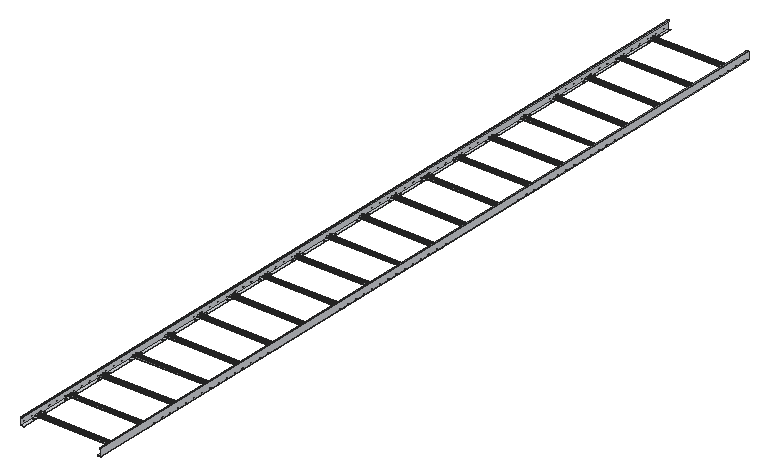
Revit family "Kabelleiter,Sprosse gelocht, geschweißt-LCIS 660 6 FS,FT,A2,A4", category Generic Models, Revit 2017 (continued)
Forms (mm)
  Extrusion 206, void
    sketch origin (0, 5700, 0) x (1, 0, 0) y (0, 1, 0)
      loop
        arc (-222.967, 157.975) -> (-223.321, 157.828) -> (-223.467, 157.475) r 0.5
        line (-223.467, 157.475) -> (-223.467, 142.515)
        arc (-223.467, 142.515) -> (-223.321, 142.162) -> (-222.967, 142.015) r 0.5
        line (-222.967, 142.015) -> (-216.967, 142.015)
        arc (-216.967, 142.015) -> (-216.614, 142.162) -> (-216.467, 142.515) r 0.5
        line (-216.467, 142.515) -> (-216.467, 157.475)
        arc (-216.467, 157.475) -> (-216.614, 157.828) -> (-216.967, 157.975) r 0.5
        line (-216.967, 157.975) -> (-222.967, 157.975)
      loop
        arc (-205, 157.975) -> (-205.354, 157.828) -> (-205.5, 157.475) r 0.5
        line (-205.5, 157.475) -> (-205.5, 142.515)
        arc (-205.5, 142.515) -> (-205.354, 142.162) -> (-205, 142.015) r 0.5
        line (-205, 142.015) -> (-195, 142.015)
        arc (-195, 142.015) -> (-194.646, 142.162) -> (-194.5, 142.515) r 0.5
        line (-194.5, 142.515) -> (-194.5, 157.475)
        arc (-194.5, 157.475) -> (-194.646, 157.828) -> (-195, 157.975) r 0.5
        line (-195, 157.975) -> (-205, 157.975)
      loop
        arc (-183, 157.975) -> (-183.354, 157.828) -> (-183.5, 157.475) r 0.5
        line (-183.5, 157.475) -> (-183.5, 142.515)
        arc (-183.5, 142.515) -> (-183.354, 142.162) -> (-183, 142.015) r 0.5
        line (-183, 142.015) -> (-177, 142.015)
        arc (-177, 142.015) -> (-176.646, 142.162) -> (-176.5, 142.515) r 0.5
        line (-176.5, 142.515) -> (-176.5, 157.475)
        arc (-176.5, 157.475) -> (-176.646, 157.828) -> (-177, 157.975) r 0.5
        line (-177, 157.975) -> (-183, 157.975)
      loop
        arc (-165, 157.975) -> (-165.354, 157.828) -> (-165.5, 157.475) r 0.5
        line (-165.5, 157.475) -> (-165.5, 142.515)
        arc (-165.5, 142.515) -> (-165.354, 142.162) -> (-165, 142.015) r 0.5
        line (-165, 142.015) -> (-155, 142.015)
        arc (-155, 142.015) -> (-154.646, 142.162) -> (-154.5, 142.515) r 0.5
        line (-154.5, 142.515) -> (-154.5, 157.475)
        arc (-154.5, 157.475) -> (-154.646, 157.828) -> (-155, 157.975) r 0.5
        line (-155, 157.975) -> (-165, 157.975)
      loop
        arc (-145, 157.975) -> (-145.354, 157.828) -> (-145.5, 157.475) r 0.5
        line (-145.5, 157.475) -> (-145.5, 142.515)
        arc (-145.5, 142.515) -> (-145.354, 142.162) -> (-145, 142.015) r 0.5
        line (-145, 142.015) -> (-135, 142.015)
        arc (-135, 142.015) -> (-134.646, 142.162) -> (-134.5, 142.515) r 0.5
        line (-134.5, 142.515) -> (-134.5, 157.475)
        arc (-134.5, 157.475) -> (-134.646, 157.828) -> (-135, 157.975) r 0.5
        line (-135, 157.975) -> (-145, 157.975)
      loop
        arc (-122.979, 157.975) -> (-123.333, 157.828) -> (-123.479, 157.475) r 0.5
        line (-123.479, 157.475) -> (-123.479, 142.515)
        arc (-123.479, 142.515) -> (-123.333, 142.162) -> (-122.979, 142.015) r 0.5
        line (-122.979, 142.015) -> (-116.979, 142.015)
        arc (-116.979, 142.015) -> (-116.626, 142.162) -> (-116.479, 142.515) r 0.5
        line (-116.479, 142.515) -> (-116.479, 157.475)
        arc (-116.479, 157.475) -> (-116.626, 157.828) -> (-116.979, 157.975) r 0.5
        line (-116.979, 157.975) -> (-122.979, 157.975)
      loop
        arc (-105, 157.975) -> (-105.354, 157.828) -> (-105.5, 157.475) r 0.5
        line (-105.5, 157.475) -> (-105.5, 142.515)
        arc (-105.5, 142.515) -> (-105.354, 142.162) -> (-105, 142.015) r 0.5
        line (-105, 142.015) -> (-95, 142.015)
        arc (-95, 142.015) -> (-94.646, 142.162) -> (-94.5, 142.515) r 0.5
        line (-94.5, 142.515) -> (-94.5, 157.475)
        arc (-94.5, 157.475) -> (-94.646, 157.828) -> (-95, 157.975) r 0.5
        line (-95, 157.975) -> (-105, 157.975)
      loop
        arc (-83, 157.975) -> (-83.354, 157.828) -> (-83.5, 157.475) r 0.5
        line (-83.5, 157.475) -> (-83.5, 142.515)
        arc (-83.5, 142.515) -> (-83.354, 142.162) -> (-83, 142.015) r 0.5
        line (-83, 142.015) -> (-77, 142.015)
        arc (-77, 142.015) -> (-76.646, 142.162) -> (-76.5, 142.515) r 0.5
        line (-76.5, 142.515) -> (-76.5, 157.475)
        arc (-76.5, 157.475) -> (-76.646, 157.828) -> (-77, 157.975) r 0.5
        line (-77, 157.975) -> (-83, 157.975)
      loop
        arc (-65, 157.975) -> (-65.354, 157.828) -> (-65.5, 157.475) r 0.5
        line (-65.5, 157.475) -> (-65.5, 142.515)
        arc (-65.5, 142.515) -> (-65.354, 142.162) -> (-65, 142.015) r 0.5
        line (-65, 142.015) -> (-55, 142.015)
        arc (-55, 142.015) -> (-54.646, 142.162) -> (-54.5, 142.515) r 0.5
        line (-54.5, 142.515) -> (-54.5, 157.475)
        arc (-54.5, 157.475) -> (-54.646, 157.828) -> (-55, 157.975) r 0.5
        line (-55, 157.975) -> (-65, 157.975)
      loop
        arc (-45, 157.975) -> (-45.354, 157.828) -> (-45.5, 157.475) r 0.5
        line (-45.5, 157.475) -> (-45.5, 142.515)
        arc (-45.5, 142.515) -> (-45.354, 142.162) -> (-45, 142.015) r 0.5
        line (-45, 142.015) -> (-35, 142.015)
        arc (-35, 142.015) -> (-34.646, 142.162) -> (-34.5, 142.515) r 0.5
        line (-34.5, 142.515) -> (-34.5, 157.475)
        arc (-34.5, 157.475) -> (-34.646, 157.828) -> (-35, 157.975) r 0.5
        line (-35, 157.975) -> (-45, 157.975)
      loop
        arc (-23, 157.975) -> (-23.354, 157.828) -> (-23.5, 157.475) r 0.5
        line (-23.5, 157.475) -> (-23.5, 142.515)
        arc (-23.5, 142.515) -> (-23.354, 142.162) -> (-23, 142.015) r 0.5
        line (-23, 142.015) -> (-17, 142.015)
        arc (-17, 142.015) -> (-16.646, 142.162) -> (-16.5, 142.515) r 0.5
        line (-16.5, 142.515) -> (-16.5, 157.475)
        arc (-16.5, 157.475) -> (-16.646, 157.828) -> (-17, 157.975) r 0.5
        line (-17, 157.975) -> (-23, 157.975)
      loop
        arc (-5, 157.975) -> (-5.354, 157.828) -> (-5.5, 157.475) r 0.5
        line (-5.5, 157.475) -> (-5.5, 142.515)
        arc (-5.5, 142.515) -> (-5.354, 142.162) -> (-5, 142.015) r 0.5
        line (-5, 142.015) -> (5, 142.015)
        arc (5, 142.015) -> (5.354, 142.162) -> (5.5, 142.515) r 0.5
        line (5.5, 142.515) -> (5.5, 157.475)
        arc (5.5, 157.475) -> (5.354, 157.828) -> (5, 157.975) r 0.5
        line (5, 157.975) -> (-5, 157.975)
      loop
        arc (17.02, 157.975) -> (16.666, 157.828) -> (16.52, 157.475) r 0.5
        line (16.52, 157.475) -> (16.52, 142.515)
        arc (16.52, 142.515) -> (16.666, 142.162) -> (17.02, 142.015) r 0.5
        line (17.02, 142.015) -> (23.02, 142.015)
        arc (23.02, 142.015) -> (23.373, 142.162) -> (23.52, 142.515) r 0.5
        line (23.52, 142.515) -> (23.52, 157.475)
        arc (23.52, 157.475) -> (23.373, 157.828) -> (23.02, 157.975) r 0.5
        line (23.02, 157.975) -> (17.02, 157.975)
      loop
        arc (35, 157.975) -> (34.646, 157.828) -> (34.5, 157.475) r 0.5
        line (34.5, 157.475) -> (34.5, 142.515)
        arc (34.5, 142.515) -> (34.646, 142.162) -> (35, 142.015) r 0.5
        line (35, 142.015) -> (45, 142.015)
        arc (45, 142.015) -> (45.354, 142.162) -> (45.5, 142.515) r 0.5
        line (45.5, 142.515) -> (45.5, 157.475)
        arc (45.5, 157.475) -> (45.354, 157.828) -> (45, 157.975) r 0.5
        line (45, 157.975) -> (35, 157.975)
      loop
        arc (55, 157.975) -> (54.646, 157.828) -> (54.5, 157.475) r 0.5
        line (54.5, 157.475) -> (54.5, 142.515)
        arc (54.5, 142.515) -> (54.646, 142.162) -> (55, 142.015) r 0.5
        line (55, 142.015) -> (65, 142.015)
        arc (65, 142.015) -> (65.354, 142.162) -> (65.5, 142.515) r 0.5
        line (65.5, 142.515) -> (65.5, 157.475)
        arc (65.5, 157.475) -> (65.354, 157.828) -> (65, 157.975) r 0.5
        line (65, 157.975) -> (55, 157.975)
      loop
        arc (77, 157.975) -> (76.646, 157.828) -> (76.5, 157.475) r 0.5
        line (76.5, 157.475) -> (76.5, 142.515)
        arc (76.5, 142.515) -> (76.646, 142.162) -> (77, 142.015) r 0.5
        line (77, 142.015) -> (83, 142.015)
        arc (83, 142.015) -> (83.354, 142.162) -> (83.5, 142.515) r 0.5
        line (83.5, 142.515) -> (83.5, 157.475)
        arc (83.5, 157.475) -> (83.354, 157.828) -> (83, 157.975) r 0.5
        line (83, 157.975) -> (77, 157.975)
      loop
        arc (95, 157.975) -> (94.646, 157.828) -> (94.5, 157.475) r 0.5
        line (94.5, 157.475) -> (94.5, 142.515)
        arc (94.5, 142.515) -> (94.646, 142.162) -> (95, 142.015) r 0.5
        line (95, 142.015) -> (105, 142.015)
        arc (105, 142.015) -> (105.354, 142.162) -> (105.5, 142.515) r 0.5
        line (105.5, 142.515) -> (105.5, 157.475)
        arc (105.5, 157.475) -> (105.354, 157.828) -> (105, 157.975) r 0.5
        line (105, 157.975) -> (95, 157.975)
      loop
        arc (117, 157.975) -> (116.646, 157.828) -> (116.5, 157.475) r 0.5
        line (116.5, 157.475) -> (116.5, 142.515)
        arc (116.5, 142.515) -> (116.646, 142.162) -> (117, 142.015) r 0.5
        line (117, 142.015) -> (123, 142.015)
        arc (123, 142.015) -> (123.354, 142.162) -> (123.5, 142.515) r 0.5
        line (123.5, 142.515) -> (123.5, 157.475)
        arc (123.5, 157.475) -> (123.354, 157.828) -> (123, 157.975) r 0.5
        line (123, 157.975) -> (117, 157.975)
      loop
        arc (135, 157.975) -> (134.646, 157.828) -> (134.5, 157.475) r 0.5
        line (134.5, 157.475) -> (134.5, 142.545)
        arc (134.5, 142.545) -> (134.655, 142.17) -> (135.03, 142.015) r 0.53
        line (135.03, 142.015) -> (145, 142.015)
        arc (145, 142.015) -> (145.354, 142.162) -> (145.5, 142.515) r 0.5
        line (145.5, 142.515) -> (145.5, 157.475)
        arc (145.5, 157.475) -> (145.354, 157.828) -> (145, 157.975) r 0.5
        line (145, 157.975) -> (135, 157.975)
      loop
        arc (255.5, 148.475) -> (260, 143.975) -> (264.5, 148.475) r 4.5
        line (264.5, 148.475) -> (264.5, 151.475)
        arc (264.5, 151.475) -> (260, 155.975) -> (255.5, 151.475) r 4.5
        line (255.5, 151.475) -> (255.5, 148.475)
      loop
        arc (234.5, 142.515) -> (234.646, 142.162) -> (235, 142.015) r 0.5
        line (235, 142.015) -> (245, 142.015)
        arc (245, 142.015) -> (245.354, 142.162) -> (245.5, 142.515) r 0.5
        line (245.5, 142.515) -> (245.5, 157.475)
        arc (245.5, 157.475) -> (245.354, 157.828) -> (245, 157.975) r 0.5
        line (245, 157.975) -> (235, 157.975)
        arc (235, 157.975) -> (234.646, 157.828) -> (234.5, 157.475) r 0.5
        line (234.5, 157.475) -> (234.5, 142.515)
      loop
        arc (217, 157.975) -> (216.646, 157.828) -> (216.5, 157.475) r 0.5
        line (216.5, 157.475) -> (216.5, 142.529)
        arc (216.5, 142.529) -> (216.65, 142.166) -> (217.013, 142.015) r 0.513
        line (217.013, 142.015) -> (223, 142.015)
        arc (223, 142.015) -> (223.354, 142.162) -> (223.5, 142.515) r 0.5
        line (223.5, 142.515) -> (223.5, 157.475)
        arc (223.5, 157.475) -> (223.354, 157.828) -> (223, 157.975) r 0.5
        line (223, 157.975) -> (217, 157.975)
      loop
        arc (195, 157.975) -> (194.646, 157.828) -> (194.5, 157.475) r 0.5
        line (194.5, 157.475) -> (194.5, 142.515)
        arc (194.5, 142.515) -> (194.646, 142.162) -> (195, 142.015) r 0.5
        line (195, 142.015) -> (205, 142.015)
        arc (205, 142.015) -> (205.354, 142.162) -> (205.5, 142.515) r 0.5
        line (205.5, 142.515) -> (205.5, 157.475)
        arc (205.5, 157.475) -> (205.354, 157.828) -> (205, 157.975) r 0.5
        line (205, 157.975) -> (195, 157.975)
      loop
        arc (177, 157.975) -> (176.646, 157.828) -> (176.5, 157.475) r 0.5
        line (176.5, 157.475) -> (176.5, 142.515)
        arc (176.5, 142.515) -> (176.646, 142.162) -> (177, 142.015) r 0.5
        line (177, 142.015) -> (183, 142.015)
        arc (183, 142.015) -> (183.354, 142.162) -> (183.5, 142.515) r 0.5
        line (183.5, 142.515) -> (183.5, 157.475)
        arc (183.5, 157.475) -> (183.354, 157.828) -> (183, 157.975) r 0.5
        line (183, 157.975) -> (177, 157.975)
      loop
        arc (155, 157.975) -> (154.646, 157.828) -> (154.5, 157.475) r 0.5
        line (154.5, 157.475) -> (154.5, 142.015)
        arc (154.5, 142.015) -> (154.646, 141.662) -> (155, 141.515) r 0.5
        line (155, 141.515) -> (165, 141.515)
        arc (165, 141.515) -> (165.354, 141.662) -> (165.5, 142.015) r 0.5
        line (165.5, 142.015) -> (165.5, 157.475)
        arc (165.5, 157.475) -> (165.354, 157.828) -> (165, 157.975) r 0.5
        line (165, 157.975) -> (155, 157.975)
    from 1.441 to 2.93
  Extrusion 207, void
    sketch origin (0, 0, 0) x (1, 0, 0) y (0, 1, 0)
      loop
        circle (-281.852, 99.988) r 4.5
    from 0 to 1.384
  Extrusion 208, void
    sketch origin (0, 300, 0) x (1, 0, 0) y (0, 1, 0)
      loop
        circle (-281.852, 99.988) r 4.5
    from 0 to 1.384
  Extrusion 209, void
    sketch origin (0, 600, 0) x (1, 0, 0) y (0, 1, 0)
      loop
        circle (-281.852, 99.988) r 4.5
    from 0 to 1.384
  Extrusion 210, void
    sketch origin (0, 900, 0) x (1, 0, 0) y (0, 1, 0)
      loop
        circle (-281.852, 99.988) r 4.5
    from 0 to 1.384
  Extrusion 211, void
    sketch origin (0, 1200, 0) x (1, 0, 0) y (0, 1, 0)
      loop
        circle (-281.852, 99.988) r 4.5
    from 0 to 1.384
  Extrusion 212, void
    sketch origin (0, 1500, 0) x (1, 0, 0) y (0, 1, 0)
      loop
        circle (-281.852, 99.988) r 4.5
    from 0 to 1.384
  Extrusion 213, void
    sketch origin (0, 1800, 0) x (1, 0, 0) y (0, 1, 0)
      loop
        circle (-281.852, 99.988) r 4.5
    from 0 to 1.384
  Extrusion 214, void
    sketch origin (0, 2100, 0) x (1, 0, 0) y (0, 1, 0)
      loop
        circle (-281.852, 99.988) r 4.5
    from 0 to 1.384
  Extrusion 215, void
    sketch origin (0, 2400, 0) x (1, 0, 0) y (0, 1, 0)
      loop
        circle (-281.852, 99.988) r 4.5
    from 0 to 1.384
  Extrusion 216, void
    sketch origin (0, 2700, 0) x (1, 0, 0) y (0, 1, 0)
      loop
        circle (-281.852, 99.988) r 4.5
    from 0 to 1.384
  Extrusion 217, void
    sketch origin (0, 3000, 0) x (1, 0, 0) y (0, 1, 0)
      loop
        circle (-281.852, 99.988) r 4.5
    from 0 to 1.384
  Extrusion 218, void
    sketch origin (0, 3300, 0) x (1, 0, 0) y (0, 1, 0)
      loop
        circle (-281.852, 99.988) r 4.5
    from 0 to 1.384
  Extrusion 219, void
    sketch origin (0, 3600, 0) x (1, 0, 0) y (0, 1, 0)
      loop
        circle (-281.852, 99.988) r 4.5
    from 0 to 1.384
  Extrusion 220, void
    sketch origin (0, 3900, 0) x (1, 0, 0) y (0, 1, 0)
      loop
        circle (-281.852, 99.988) r 4.5
    from 0 to 1.384
  Extrusion 221, void
    sketch origin (0, 4200, 0) x (1, 0, 0) y (0, 1, 0)
      loop
        circle (-281.852, 99.988) r 4.5
    from 0 to 1.384
  Extrusion 222, void
    sketch origin (0, 4500, 0) x (1, 0, 0) y (0, 1, 0)
      loop
        circle (-281.852, 99.988) r 4.5
    from 0 to 1.384
  Extrusion 223, void
    sketch origin (0, 4800, 0) x (1, 0, 0) y (0, 1, 0)
      loop
        circle (-281.852, 99.988) r 4.5
    from 0 to 1.384
  Extrusion 224, void
    sketch origin (0, 5100, 0) x (1, 0, 0) y (0, 1, 0)
      loop
        circle (-281.852, 99.988) r 4.5
    from 0 to 1.384
  Extrusion 225, void
    sketch origin (0, 5400, 0) x (1, 0, 0) y (0, 1, 0)
      loop
        circle (-281.852, 99.988) r 4.5
    from 0 to 1.384
  Extrusion 226, void
    sketch origin (0, 5700, 0) x (1, 0, 0) y (0, 1, 0)
      loop
        circle (-281.852, 99.988) r 4.5
    from 0 to 1.384
  Extrusion 227, void
    sketch origin (0, 0, 0) x (1, 0, 0) y (0, 1, 0)
      loop
        circle (-282, 199.975) r 4.5
    from 0 to 1.384
  Extrusion 228, void
    sketch origin (0, 300, 0) x (1, 0, 0) y (0, 1, 0)
      loop
        circle (-282, 199.975) r 4.5
    from 0 to 1.384
  Extrusion 229, void
    sketch origin (0, 600, 0) x (1, 0, 0) y (0, 1, 0)
      loop
        circle (-282, 199.975) r 4.5
    from 0 to 1.384
  Extrusion 230, void
    sketch origin (0, 900, 0) x (1, 0, 0) y (0, 1, 0)
      loop
        circle (-282, 199.975) r 4.5
    from 0 to 1.384
  Extrusion 231, void
    sketch origin (0, 1200, 0) x (1, 0, 0) y (0, 1, 0)
      loop
        circle (-282, 199.975) r 4.5
    from 0 to 1.384
  Extrusion 232, void
    sketch origin (0, 1500, 0) x (1, 0, 0) y (0, 1, 0)
      loop
        circle (-282, 199.975) r 4.5
    from 0 to 1.384
  Extrusion 233, void
    sketch origin (0, 1800, 0) x (1, 0, 0) y (0, 1, 0)
      loop
        circle (-282, 199.975) r 4.5
    from 0 to 1.384
  Extrusion 234, void
    sketch origin (0, 2100, 0) x (1, 0, 0) y (0, 1, 0)
      loop
        circle (-282, 199.975) r 4.5
    from 0 to 1.384
  Extrusion 235, void
    sketch origin (0, 2400, 0) x (1, 0, 0) y (0, 1, 0)
      loop
        circle (-282, 199.975) r 4.5
    from 0 to 1.384
  Extrusion 236, void
    sketch origin (0, 2700, 0) x (1, 0, 0) y (0, 1, 0)
      loop
        circle (-282, 199.975) r 4.5
    from 0 to 1.384
  Extrusion 237, void
    sketch origin (0, 3000, 0) x (1, 0, 0) y (0, 1, 0)
      loop
        circle (-282, 199.975) r 4.5
    from 0 to 1.384
  Extrusion 238, void
    sketch origin (0, 3300, 0) x (1, 0, 0) y (0, 1, 0)
      loop
        circle (-282, 199.975) r 4.5
    from 0 to 1.384
  Extrusion 239, void
    sketch origin (0, 3600, 0) x (1, 0, 0) y (0, 1, 0)
      loop
        circle (-282, 199.975) r 4.5
    from 0 to 1.384
  Extrusion 240, void
    sketch origin (0, 3900, 0) x (1, 0, 0) y (0, 1, 0)
      loop
        circle (-282, 199.975) r 4.5
    from 0 to 1.384
  Extrusion 241, void
    sketch origin (0, 4200, 0) x (1, 0, 0) y (0, 1, 0)
      loop
        circle (-282, 199.975) r 4.5
    from 0 to 1.384
  Extrusion 242, void
    sketch origin (0, 4500, 0) x (1, 0, 0) y (0, 1, 0)
      loop
        circle (-282, 199.975) r 4.5
    from 0 to 1.384
  Extrusion 243, void
    sketch origin (0, 4800, 0) x (1, 0, 0) y (0, 1, 0)
      loop
        circle (-282, 199.975) r 4.5
    from 0 to 1.384
  Extrusion 244, void
    sketch origin (0, 5100, 0) x (1, 0, 0) y (0, 1, 0)
      loop
        circle (-282, 199.975) r 4.5
    from 0 to 1.384
  Extrusion 245, void
    sketch origin (0, 5400, 0) x (1, 0, 0) y (0, 1, 0)
      loop
        circle (-282, 199.975) r 4.5
    from 0 to 1.384
  Extrusion 246, void
    sketch origin (0, 5700, 0) x (1, 0, 0) y (0, 1, 0)
      loop
        circle (-282, 199.975) r 4.5
    from 0 to 1.384
  Extrusion 247, void
    sketch origin (0, 0, 0) x (1, 0, 0) y (0, 1, 0)
      loop
        circle (282, 100) r 4.5
    from 0 to 250
  Extrusion 248, void
    sketch origin (0, 300, 0) x (1, 0, 0) y (0, 1, 0)
      loop
        circle (282, 100) r 4.5
    from 0 to 250
  Extrusion 249, void
    sketch origin (0, 600, 0) x (1, 0, 0) y (0, 1, 0)
      loop
        circle (282, 100) r 4.5
    from 0 to 250
  Extrusion 250, void
    sketch origin (0, 900, 0) x (1, 0, 0) y (0, 1, 0)
      loop
        circle (282, 100) r 4.5
    from 0 to 250
  Extrusion 251, void
    sketch origin (0, 1200, 0) x (1, 0, 0) y (0, 1, 0)
      loop
        circle (282, 100) r 4.5
    from 0 to 250
  Extrusion 252, void
    sketch origin (0, 1500, 0) x (1, 0, 0) y (0, 1, 0)
      loop
        circle (282, 100) r 4.5
    from 0 to 250
  Extrusion 253, void
    sketch origin (0, 1800, 0) x (1, 0, 0) y (0, 1, 0)
      loop
        circle (282, 100) r 4.5
    from 0 to 250
  Extrusion 254, void
    sketch origin (0, 2100, 0) x (1, 0, 0) y (0, 1, 0)
      loop
        circle (282, 100) r 4.5
    from 0 to 250
  Extrusion 255, void
    sketch origin (0, 2400, 0) x (1, 0, 0) y (0, 1, 0)
      loop
        circle (282, 100) r 4.5
    from 0 to 250
  Extrusion 256, void
    sketch origin (0, 2700, 0) x (1, 0, 0) y (0, 1, 0)
      loop
        circle (282, 100) r 4.5
    from 0 to 250
  Extrusion 257, void
    sketch origin (0, 3000, 0) x (1, 0, 0) y (0, 1, 0)
      loop
        circle (282, 100) r 4.5
    from 0 to 250
  Extrusion 258, void
    sketch origin (0, 3300, 0) x (1, 0, 0) y (0, 1, 0)
      loop
        circle (282, 100) r 4.5
    from 0 to 250
  Extrusion 259, void
    sketch origin (0, 3600, 0) x (1, 0, 0) y (0, 1, 0)
      loop
        circle (282, 100) r 4.5
    from 0 to 250
  Extrusion 260, void
    sketch origin (0, 3900, 0) x (1, 0, 0) y (0, 1, 0)
      loop
        circle (282, 100) r 4.5
    from 0 to 250
  Extrusion 261, void
    sketch origin (0, 4200, 0) x (1, 0, 0) y (0, 1, 0)
      loop
        circle (282, 100) r 4.5
    from 0 to 250
  Extrusion 262, void
    sketch origin (0, 4500, 0) x (1, 0, 0) y (0, 1, 0)
      loop
        circle (282, 100) r 4.5
    from 0 to 250
  Extrusion 263, void
    sketch origin (0, 4800, 0) x (1, 0, 0) y (0, 1, 0)
      loop
        circle (282, 100) r 4.5
    from 0 to 250
  Extrusion 264, void
    sketch origin (0, 5100, 0) x (1, 0, 0) y (0, 1, 0)
      loop
        circle (282, 100) r 4.5
    from 0 to 250
  Extrusion 265, void
    sketch origin (0, 5400, 0) x (1, 0, 0) y (0, 1, 0)
      loop
        circle (282, 100) r 4.5
    from 0 to 250
  Extrusion 266, void
    sketch origin (0, 5700, 0) x (1, 0, 0) y (0, 1, 0)
      loop
        circle (282, 100) r 4.5
    from 0 to 250
  Extrusion 267, void
    sketch origin (0, 0, 0) x (1, 0, 0) y (0, 1, 0)
      loop
        circle (282, 199.975) r 4.5
    from 0 to 250
  Extrusion 268, void
    sketch origin (0, 300, 0) x (1, 0, 0) y (0, 1, 0)
      loop
        circle (282, 199.975) r 4.5
    from 0 to 250
  Extrusion 269, void
    sketch origin (0, 600, 0) x (1, 0, 0) y (0, 1, 0)
      loop
        circle (282, 199.975) r 4.5
    from 0 to 250
  Extrusion 270, void
    sketch origin (0, 900, 0) x (1, 0, 0) y (0, 1, 0)
      loop
        circle (282, 199.975) r 4.5
    from 0 to 250
  Extrusion 271, void
    sketch origin (0, 1200, 0) x (1, 0, 0) y (0, 1, 0)
      loop
        circle (282, 199.975) r 4.5
    from 0 to 250
  Extrusion 272, void
    sketch origin (0, 1500, 0) x (1, 0, 0) y (0, 1, 0)
      loop
        circle (282, 199.975) r 4.5
    from 0 to 250
  Extrusion 273, void
    sketch origin (0, 1800, 0) x (1, 0, 0) y (0, 1, 0)
      loop
        circle (282, 199.975) r 4.5
    from 0 to 250
  Extrusion 274, void
    sketch origin (0, 2100, 0) x (1, 0, 0) y (0, 1, 0)
      loop
        circle (282, 199.975) r 4.5
    from 0 to 250
  Extrusion 275, void
    sketch origin (0, 2400, 0) x (1, 0, 0) y (0, 1, 0)
      loop
        circle (282, 199.975) r 4.5
    from 0 to 250
  Extrusion 276, void
    sketch origin (0, 2700, 0) x (1, 0, 0) y (0, 1, 0)
      loop
        circle (282, 199.975) r 4.5
    from 0 to 250
  Extrusion 277, void
    sketch origin (0, 3000, 0) x (1, 0, 0) y (0, 1, 0)
      loop
        circle (282, 199.975) r 4.5
    from 0 to 250
  Extrusion 278, void
    sketch origin (0, 3300, 0) x (1, 0, 0) y (0, 1, 0)
      loop
        circle (282, 199.975) r 4.5
    from 0 to 250
  Extrusion 279, void
    sketch origin (0, 3600, 0) x (1, 0, 0) y (0, 1, 0)
      loop
        circle (282, 199.975) r 4.5
    from 0 to 250
  Extrusion 280, void
    sketch origin (0, 3900, 0) x (1, 0, 0) y (0, 1, 0)
      loop
        circle (282, 199.975) r 4.5
    from 0 to 250
  Extrusion 281, void
    sketch origin (0, 4200, 0) x (1, 0, 0) y (0, 1, 0)
      loop
        circle (282, 199.975) r 4.5
    from 0 to 250
  Extrusion 282, void
    sketch origin (0, 4500, 0) x (1, 0, 0) y (0, 1, 0)
      loop
        circle (282, 199.975) r 4.5
    from 0 to 250
  Extrusion 283, void
    sketch origin (0, 4800, 0) x (1, 0, 0) y (0, 1, 0)
      loop
        circle (282, 199.975) r 4.5
    from 0 to 250
  Extrusion 284, void
    sketch origin (0, 5100, 0) x (1, 0, 0) y (0, 1, 0)
      loop
        circle (282, 199.975) r 4.5
    from 0 to 250
  Extrusion 285, void
    sketch origin (0, 5400, 0) x (1, 0, 0) y (0, 1, 0)
      loop
        circle (282, 199.975) r 4.5
    from 0 to 250
  Extrusion 286, void
    sketch origin (0, 5700, 0) x (1, 0, 0) y (0, 1, 0)
      loop
        circle (282, 199.975) r 4.5
    from 0 to 250
Cuts and joins
  Extrusion 2, Extrusion 3, Extrusion 4, Extrusion 5, Extrusion 6, Extrusion 7, Extrusion 8, Extrusion 9, Extrusion 10, Extrusion 11, Extrusion 12, Extrusion 13, Extrusion 14, Extrusion 15, Extrusion 16, Extrusion 17, Extrusion 18, Extrusion 19, Extrusion 20, Extrusion 21, Extrusion 22, Extrusion 23, Extrusion 24, Extrusion 25, Extrusion 26, Extrusion 27, Extrusion 28, Extrusion 29, Extrusion 30, Extrusion 31, Extrusion 32, Extrusion 33, Extrusion 34, Extrusion 35, Extrusion 36, Extrusion 37, Extrusion 38, Extrusion 39, Extrusion 40, Extrusion 41, Extrusion 42, Extrusion 43, Extrusion 44, Extrusion 45, Extrusion 46, Extrusion 47, Extrusion 48, Extrusion 49, Extrusion 50, Extrusion 51, Extrusion 52, Extrusion 53, Extrusion 54, Extrusion 55, Extrusion 56, Extrusion 57, Extrusion 58, Extrusion 59, Extrusion 60, Extrusion 61, Extrusion 62, Extrusion 63, Extrusion 64, Extrusion 65, Extrusion 66, Extrusion 67, Extrusion 68, Extrusion 69, Extrusion 70, Extrusion 71, Extrusion 72, Extrusion 73, Extrusion 74, Extrusion 75, Extrusion 76, Extrusion 77, Extrusion 78, Extrusion 79, Extrusion 80, Extrusion 81, Extrusion 82, Extrusion 83, Extrusion 84, Extrusion 85, Extrusion 86, Extrusion 87, Extrusion 88, Extrusion 89, Extrusion 90, Extrusion 91, Extrusion 92, Extrusion 93, Extrusion 94, Extrusion 95, Extrusion 96, Extrusion 97, Extrusion 98, Extrusion 99, Extrusion 100, Extrusion 101, Extrusion 102, Extrusion 103, Extrusion 104, Extrusion 105, Extrusion 106, Extrusion 107, Extrusion 108, Extrusion 109, Extrusion 110, Extrusion 111, Extrusion 112, Extrusion 113, Extrusion 114, Extrusion 115, Extrusion 116, Extrusion 117, Extrusion 118, Extrusion 119, Extrusion 120, Extrusion 121, Extrusion 122, Extrusion 123, Extrusion 124, Extrusion 125, Extrusion 126, Extrusion 127, Extrusion 128, Extrusion 129, Extrusion 130, Extrusion 131, Extrusion 132, Extrusion 133, Extrusion 134, Extrusion 135, Extrusion 136, Extrusion 137, Extrusion 138, Extrusion 139, Extrusion 140, Extrusion 141, Extrusion 142, Extrusion 143, Extrusion 144, Extrusion 145, Extrusion 146, Extrusion 147, Extrusion 148, Extrusion 149, Extrusion 150, Extrusion 151, Extrusion 152, Extrusion 153, Extrusion 154, Extrusion 155, Extrusion 156, Extrusion 157, Extrusion 158, Extrusion 159, Extrusion 160, Extrusion 161, Extrusion 207, Extrusion 208, Extrusion 209, Extrusion 210, Extrusion 211, Extrusion 212, Extrusion 213, Extrusion 214, Extrusion 215, Extrusion 216, Extrusion 217, Extrusion 218, Extrusion 219, Extrusion 220, Extrusion 221, Extrusion 222, Extrusion 223, Extrusion 224, Extrusion 225, Extrusion 226, Extrusion 227, Extrusion 228, Extrusion 229, Extrusion 230, Extrusion 231, Extrusion 232, Extrusion 233, Extrusion 234, Extrusion 235, Extrusion 236, Extrusion 237, Extrusion 238, Extrusion 239, Extrusion 240, Extrusion 241, Extrusion 242, Extrusion 243, Extrusion 244, Extrusion 245, Extrusion 246, Extrusion 247, Extrusion 248, Extrusion 249, Extrusion 250, Extrusion 251, Extrusion 252, Extrusion 253, Extrusion 254, Extrusion 255, Extrusion 256, Extrusion 257, Extrusion 258, Extrusion 259, Extrusion 260, Extrusion 261, Extrusion 262, Extrusion 263, Extrusion 264, Extrusion 265, Extrusion 266, Extrusion 267, Extrusion 268, Extrusion 269, Extrusion 270, Extrusion 271, Extrusion 272, Extrusion 273, Extrusion 274, Extrusion 275, Extrusion 276, Extrusion 277, Extrusion 278, Extrusion 279, Extrusion 280, Extrusion 281, Extrusion 282, Extrusion 283, Extrusion 284, Extrusion 285, Extrusion 286 cuts Extrusion 1
  Extrusion 168 cuts Extrusion 162
  Extrusion 170 cuts Extrusion 169
  Extrusion 172 cuts Extrusion 171
  Extrusion 174 cuts Extrusion 173
  Extrusion 176 cuts Extrusion 175
  Extrusion 178 cuts Extrusion 177
  Extrusion 180 cuts Extrusion 179
  Extrusion 182 cuts Extrusion 181
  Extrusion 184 cuts Extrusion 183
  Extrusion 186 cuts Extrusion 185
  Extrusion 188 cuts Extrusion 187
  Extrusion 190 cuts Extrusion 189
  Extrusion 192 cuts Extrusion 191
  Extrusion 194 cuts Extrusion 193
  Extrusion 196 cuts Extrusion 195
  Extrusion 198 cuts Extrusion 197
  Extrusion 200 cuts Extrusion 199
  Extrusion 202 cuts Extrusion 201
  Extrusion 204 cuts Extrusion 203
  Extrusion 206 cuts Extrusion 205
Dimensions and locks
  "Height": plane 4 to level
  locked: plane 4 to plane 5 at 9
  locked: plane 4 to plane 6 at 9
  locked: Extrusion 1 sketch curve to Extrusion 1 sketch curve at 12  (x2)
  "Width 1": Extrusion 1 sketch curve to plane 3 "Center (Left/Right)"
  locked: Extrusion 1 sketch curve to Extrusion 1 sketch curve at 27
  "Width": Extrusion 1 sketch curve to Extrusion 1 sketch curve
  "Length": Extrusion 1 to Extrusion 1
  locked: Extrusion 1 to plane 7 at 37.5
  locked: Extrusion 2 sketch curve to Extrusion 2 sketch curve at 9
  locked: Extrusion 2 sketch curve to Extrusion 2 sketch curve at 28
  locked: Extrusion 3 sketch curve to Extrusion 3 sketch curve at 9
  locked: Extrusion 3 sketch curve to Extrusion 3 sketch curve at 28
  locked: plane 7 to plane 8 at 75
  locked: Extrusion 4 sketch curve to Extrusion 4 sketch curve at 9
  locked: Extrusion 4 sketch curve to Extrusion 4 sketch curve at 28
  locked: Extrusion 5 sketch curve to Extrusion 5 sketch curve at 9
  locked: Extrusion 5 sketch curve to Extrusion 5 sketch curve at 28
  locked: Extrusion 6 sketch curve to Extrusion 6 sketch curve at 9
  locked: Extrusion 6 sketch curve to Extrusion 6 sketch curve at 28
  locked: Extrusion 7 sketch curve to Extrusion 7 sketch curve at 9
  locked: Extrusion 7 sketch curve to Extrusion 7 sketch curve at 28
  locked: Extrusion 8 sketch curve to Extrusion 8 sketch curve at 9
  locked: Extrusion 8 sketch curve to Extrusion 8 sketch curve at 28
  locked: Extrusion 9 sketch curve to Extrusion 9 sketch curve at 9
  locked: Extrusion 9 sketch curve to Extrusion 9 sketch curve at 28
  locked: Extrusion 10 sketch curve to Extrusion 10 sketch curve at 9
  locked: Extrusion 10 sketch curve to Extrusion 10 sketch curve at 28
  locked: Extrusion 11 sketch curve to Extrusion 11 sketch curve at 9
  locked: Extrusion 11 sketch curve to Extrusion 11 sketch curve at 28
  locked: Extrusion 12 sketch curve to Extrusion 12 sketch curve at 9
  locked: Extrusion 12 sketch curve to Extrusion 12 sketch curve at 28
  locked: Extrusion 13 sketch curve to Extrusion 13 sketch curve at 9
  locked: Extrusion 13 sketch curve to Extrusion 13 sketch curve at 28
  locked: Extrusion 14 sketch curve to Extrusion 14 sketch curve at 9
  locked: Extrusion 14 sketch curve to Extrusion 14 sketch curve at 28
  locked: Extrusion 15 sketch curve to Extrusion 15 sketch curve at 9
  locked: Extrusion 15 sketch curve to Extrusion 15 sketch curve at 28
  locked: Extrusion 16 sketch curve to Extrusion 16 sketch curve at 9
  locked: Extrusion 16 sketch curve to Extrusion 16 sketch curve at 28
  locked: Extrusion 17 sketch curve to Extrusion 17 sketch curve at 9
  locked: Extrusion 17 sketch curve to Extrusion 17 sketch curve at 28
  locked: Extrusion 18 sketch curve to Extrusion 18 sketch curve at 9
  locked: Extrusion 18 sketch curve to Extrusion 18 sketch curve at 28
  locked: Extrusion 19 sketch curve to Extrusion 19 sketch curve at 9
  locked: Extrusion 19 sketch curve to Extrusion 19 sketch curve at 28
  locked: Extrusion 20 sketch curve to Extrusion 20 sketch curve at 9
  locked: Extrusion 20 sketch curve to Extrusion 20 sketch curve at 28
  locked: Extrusion 21 sketch curve to Extrusion 21 sketch curve at 9
  locked: Extrusion 21 sketch curve to Extrusion 21 sketch curve at 28
  locked: Extrusion 22 sketch curve to Extrusion 22 sketch curve at 9
  locked: Extrusion 22 sketch curve to Extrusion 22 sketch curve at 28
  locked: Extrusion 23 sketch curve to Extrusion 23 sketch curve at 9
  locked: Extrusion 23 sketch curve to Extrusion 23 sketch curve at 28
  locked: Extrusion 24 sketch curve to Extrusion 24 sketch curve at 9
  locked: Extrusion 24 sketch curve to Extrusion 24 sketch curve at 28
  locked: Extrusion 25 sketch curve to Extrusion 25 sketch curve at 9
  locked: Extrusion 25 sketch curve to Extrusion 25 sketch curve at 28
  locked: Extrusion 26 sketch curve to Extrusion 26 sketch curve at 9
  locked: Extrusion 26 sketch curve to Extrusion 26 sketch curve at 28
  locked: Extrusion 27 sketch curve to Extrusion 27 sketch curve at 9
  locked: Extrusion 27 sketch curve to Extrusion 27 sketch curve at 28
  locked: Extrusion 28 sketch curve to Extrusion 28 sketch curve at 9
  locked: Extrusion 28 sketch curve to Extrusion 28 sketch curve at 28
  locked: Extrusion 29 sketch curve to Extrusion 29 sketch curve at 9
  locked: Extrusion 29 sketch curve to Extrusion 29 sketch curve at 28
  locked: Extrusion 30 sketch curve to Extrusion 30 sketch curve at 9
  locked: Extrusion 30 sketch curve to Extrusion 30 sketch curve at 28
  locked: Extrusion 31 sketch curve to Extrusion 31 sketch curve at 9
  locked: Extrusion 31 sketch curve to Extrusion 31 sketch curve at 28
  locked: Extrusion 32 sketch curve to Extrusion 32 sketch curve at 9
  locked: Extrusion 32 sketch curve to Extrusion 32 sketch curve at 28
  locked: Extrusion 33 sketch curve to Extrusion 33 sketch curve at 9
  locked: Extrusion 33 sketch curve to Extrusion 33 sketch curve at 28
  locked: Extrusion 34 sketch curve to Extrusion 34 sketch curve at 9
  locked: Extrusion 34 sketch curve to Extrusion 34 sketch curve at 28
  locked: Extrusion 35 sketch curve to Extrusion 35 sketch curve at 9
  locked: Extrusion 35 sketch curve to Extrusion 35 sketch curve at 28
  locked: Extrusion 36 sketch curve to Extrusion 36 sketch curve at 9
  locked: Extrusion 36 sketch curve to Extrusion 36 sketch curve at 28
  locked: Extrusion 37 sketch curve to Extrusion 37 sketch curve at 9
  locked: Extrusion 37 sketch curve to Extrusion 37 sketch curve at 28
  locked: Extrusion 38 sketch curve to Extrusion 38 sketch curve at 9
  locked: Extrusion 38 sketch curve to Extrusion 38 sketch curve at 28
  locked: Extrusion 39 sketch curve to Extrusion 39 sketch curve at 9
  locked: Extrusion 39 sketch curve to Extrusion 39 sketch curve at 28
  locked: Extrusion 40 sketch curve to Extrusion 40 sketch curve at 9
  locked: Extrusion 40 sketch curve to Extrusion 40 sketch curve at 28
  locked: Extrusion 41 sketch curve to Extrusion 41 sketch curve at 9
  locked: Extrusion 41 sketch curve to Extrusion 41 sketch curve at 28
  locked: Extrusion 42 sketch curve to Extrusion 42 sketch curve at 9
  locked: Extrusion 42 sketch curve to Extrusion 42 sketch curve at 28
  locked: Extrusion 43 sketch curve to Extrusion 43 sketch curve at 9
  locked: Extrusion 43 sketch curve to Extrusion 43 sketch curve at 28
  locked: Extrusion 44 sketch curve to Extrusion 44 sketch curve at 9
  locked: Extrusion 44 sketch curve to Extrusion 44 sketch curve at 28
  locked: Extrusion 45 sketch curve to Extrusion 45 sketch curve at 9
  locked: Extrusion 45 sketch curve to Extrusion 45 sketch curve at 28
  locked: Extrusion 46 sketch curve to Extrusion 46 sketch curve at 9
  locked: Extrusion 46 sketch curve to Extrusion 46 sketch curve at 28
  locked: Extrusion 47 sketch curve to Extrusion 47 sketch curve at 9
  locked: Extrusion 47 sketch curve to Extrusion 47 sketch curve at 28
  locked: Extrusion 48 sketch curve to Extrusion 48 sketch curve at 9
  locked: Extrusion 48 sketch curve to Extrusion 48 sketch curve at 28
  locked: Extrusion 49 sketch curve to Extrusion 49 sketch curve at 9
  locked: Extrusion 49 sketch curve to Extrusion 49 sketch curve at 28
  locked: Extrusion 50 sketch curve to Extrusion 50 sketch curve at 9
  locked: Extrusion 50 sketch curve to Extrusion 50 sketch curve at 28
  locked: Extrusion 51 sketch curve to Extrusion 51 sketch curve at 9
  locked: Extrusion 51 sketch curve to Extrusion 51 sketch curve at 28
  locked: Extrusion 52 sketch curve to Extrusion 52 sketch curve at 9
  locked: Extrusion 52 sketch curve to Extrusion 52 sketch curve at 28
  locked: Extrusion 53 sketch curve to Extrusion 53 sketch curve at 9
  locked: Extrusion 53 sketch curve to Extrusion 53 sketch curve at 28
  locked: Extrusion 54 sketch curve to Extrusion 54 sketch curve at 9
  locked: Extrusion 54 sketch curve to Extrusion 54 sketch curve at 28
  locked: Extrusion 55 sketch curve to Extrusion 55 sketch curve at 9
  locked: Extrusion 55 sketch curve to Extrusion 55 sketch curve at 28
  locked: Extrusion 56 sketch curve to Extrusion 56 sketch curve at 9
  locked: Extrusion 56 sketch curve to Extrusion 56 sketch curve at 28
  locked: Extrusion 57 sketch curve to Extrusion 57 sketch curve at 9
  locked: Extrusion 57 sketch curve to Extrusion 57 sketch curve at 28
  locked: Extrusion 58 sketch curve to Extrusion 58 sketch curve at 9
  locked: Extrusion 58 sketch curve to Extrusion 58 sketch curve at 28
  locked: Extrusion 59 sketch curve to Extrusion 59 sketch curve at 9
  locked: Extrusion 59 sketch curve to Extrusion 59 sketch curve at 28
  locked: Extrusion 60 sketch curve to Extrusion 60 sketch curve at 9
  locked: Extrusion 60 sketch curve to Extrusion 60 sketch curve at 28
  locked: Extrusion 61 sketch curve to Extrusion 61 sketch curve at 9
  locked: Extrusion 61 sketch curve to Extrusion 61 sketch curve at 28
  locked: Extrusion 62 sketch curve to Extrusion 62 sketch curve at 9
  locked: Extrusion 62 sketch curve to Extrusion 62 sketch curve at 28
  locked: Extrusion 63 sketch curve to Extrusion 63 sketch curve at 9
  locked: Extrusion 63 sketch curve to Extrusion 63 sketch curve at 28
  locked: Extrusion 64 sketch curve to Extrusion 64 sketch curve at 9
  locked: Extrusion 64 sketch curve to Extrusion 64 sketch curve at 28
  locked: Extrusion 65 sketch curve to Extrusion 65 sketch curve at 9
  locked: Extrusion 65 sketch curve to Extrusion 65 sketch curve at 28
  locked: Extrusion 66 sketch curve to Extrusion 66 sketch curve at 9
  locked: Extrusion 66 sketch curve to Extrusion 66 sketch curve at 28
  locked: Extrusion 67 sketch curve to Extrusion 67 sketch curve at 9
  locked: Extrusion 67 sketch curve to Extrusion 67 sketch curve at 28
  locked: Extrusion 68 sketch curve to Extrusion 68 sketch curve at 9
  locked: Extrusion 68 sketch curve to Extrusion 68 sketch curve at 28
  locked: Extrusion 69 sketch curve to Extrusion 69 sketch curve at 9
  locked: Extrusion 69 sketch curve to Extrusion 69 sketch curve at 28
  locked: Extrusion 70 sketch curve to Extrusion 70 sketch curve at 9
  locked: Extrusion 70 sketch curve to Extrusion 70 sketch curve at 28
  locked: Extrusion 71 sketch curve to Extrusion 71 sketch curve at 9
  locked: Extrusion 71 sketch curve to Extrusion 71 sketch curve at 28
  locked: Extrusion 72 sketch curve to Extrusion 72 sketch curve at 9
  locked: Extrusion 72 sketch curve to Extrusion 72 sketch curve at 28
  locked: Extrusion 73 sketch curve to Extrusion 73 sketch curve at 9
  locked: Extrusion 73 sketch curve to Extrusion 73 sketch curve at 28
  locked: Extrusion 74 sketch curve to Extrusion 74 sketch curve at 9
  locked: Extrusion 74 sketch curve to Extrusion 74 sketch curve at 28
  locked: Extrusion 75 sketch curve to Extrusion 75 sketch curve at 9
  locked: Extrusion 75 sketch curve to Extrusion 75 sketch curve at 28
  locked: Extrusion 76 sketch curve to Extrusion 76 sketch curve at 9
  locked: Extrusion 76 sketch curve to Extrusion 76 sketch curve at 28
  locked: Extrusion 77 sketch curve to Extrusion 77 sketch curve at 9
  locked: Extrusion 77 sketch curve to Extrusion 77 sketch curve at 28
  locked: Extrusion 78 sketch curve to Extrusion 78 sketch curve at 9
  locked: Extrusion 78 sketch curve to Extrusion 78 sketch curve at 28
  locked: Extrusion 79 sketch curve to Extrusion 79 sketch curve at 9
  locked: Extrusion 79 sketch curve to Extrusion 79 sketch curve at 28
  locked: Extrusion 80 sketch curve to Extrusion 80 sketch curve at 9
  locked: Extrusion 80 sketch curve to Extrusion 80 sketch curve at 28
  locked: Extrusion 81 sketch curve to Extrusion 81 sketch curve at 9
  locked: Extrusion 81 sketch curve to Extrusion 81 sketch curve at 28
  locked: Extrusion 82 sketch curve to Extrusion 82 sketch curve at 9
  locked: Extrusion 82 sketch curve to Extrusion 82 sketch curve at 28
  locked: Extrusion 83 sketch curve to Extrusion 83 sketch curve at 9
  locked: Extrusion 83 sketch curve to Extrusion 83 sketch curve at 28
  equal spacing: group 80, group 81, group 82, group 83, group 84, group 85, group 86, group 87, group 88, group 89, group 90, group 91, group 92, group 93, group 94, group 95, group 96, group 97, group 98, group 99, group 100, group 101, group 102, group 103, group 104, group 105, group 106, group 107, group 108, group 109, group 110, group 111, group 112, group 113, group 114, group 115, group 116, group 117, group 118, group 119, group 120, group 121, group 122, group 123, group 124, group 125, group 126, group 127, group 128, group 129, group 130, group 131, group 132, group 133, group 134, group 135, group 136, group 137, group 138, group 139, group 140, group 141, group 142, group 143, group 144, group 145, group 146, group 147, group 148, group 149, group 150, group 151, group 152, group 153, group 154, group 155, group 156, group 157, group 158, group 159  (x3)
  locked: Extrusion 84 sketch curve to Extrusion 84 sketch curve at 9
  locked: Extrusion 84 sketch curve to Extrusion 84 sketch curve at 28
  locked: Extrusion 85 sketch curve to Extrusion 85 sketch curve at 9
  locked: Extrusion 85 sketch curve to Extrusion 85 sketch curve at 28
  locked: Extrusion 86 sketch curve to Extrusion 86 sketch curve at 9
  locked: Extrusion 86 sketch curve to Extrusion 86 sketch curve at 28
  locked: Extrusion 87 sketch curve to Extrusion 87 sketch curve at 9
  locked: Extrusion 87 sketch curve to Extrusion 87 sketch curve at 28
  locked: Extrusion 88 sketch curve to Extrusion 88 sketch curve at 9
  locked: Extrusion 88 sketch curve to Extrusion 88 sketch curve at 28
  locked: Extrusion 89 sketch curve to Extrusion 89 sketch curve at 9
  locked: Extrusion 89 sketch curve to Extrusion 89 sketch curve at 28
  locked: Extrusion 90 sketch curve to Extrusion 90 sketch curve at 9
  locked: Extrusion 90 sketch curve to Extrusion 90 sketch curve at 28
  locked: Extrusion 91 sketch curve to Extrusion 91 sketch curve at 9
  locked: Extrusion 91 sketch curve to Extrusion 91 sketch curve at 28
  locked: Extrusion 92 sketch curve to Extrusion 92 sketch curve at 9
  locked: Extrusion 92 sketch curve to Extrusion 92 sketch curve at 28
  locked: Extrusion 93 sketch curve to Extrusion 93 sketch curve at 9
  locked: Extrusion 93 sketch curve to Extrusion 93 sketch curve at 28
  locked: Extrusion 94 sketch curve to Extrusion 94 sketch curve at 9
  locked: Extrusion 94 sketch curve to Extrusion 94 sketch curve at 28
  locked: Extrusion 95 sketch curve to Extrusion 95 sketch curve at 9
  locked: Extrusion 95 sketch curve to Extrusion 95 sketch curve at 28
  locked: Extrusion 96 sketch curve to Extrusion 96 sketch curve at 9
  locked: Extrusion 96 sketch curve to Extrusion 96 sketch curve at 28
  locked: Extrusion 97 sketch curve to Extrusion 97 sketch curve at 9
  locked: Extrusion 97 sketch curve to Extrusion 97 sketch curve at 28
  locked: Extrusion 98 sketch curve to Extrusion 98 sketch curve at 9
  locked: Extrusion 98 sketch curve to Extrusion 98 sketch curve at 28
  locked: Extrusion 99 sketch curve to Extrusion 99 sketch curve at 9
  locked: Extrusion 99 sketch curve to Extrusion 99 sketch curve at 28
  locked: Extrusion 100 sketch curve to Extrusion 100 sketch curve at 9
  locked: Extrusion 100 sketch curve to Extrusion 100 sketch curve at 28
  locked: Extrusion 101 sketch curve to Extrusion 101 sketch curve at 9
  locked: Extrusion 101 sketch curve to Extrusion 101 sketch curve at 28
  locked: Extrusion 102 sketch curve to Extrusion 102 sketch curve at 9
  locked: Extrusion 102 sketch curve to Extrusion 102 sketch curve at 28
  locked: Extrusion 103 sketch curve to Extrusion 103 sketch curve at 9
  locked: Extrusion 103 sketch curve to Extrusion 103 sketch curve at 28
  locked: Extrusion 104 sketch curve to Extrusion 104 sketch curve at 9
  locked: Extrusion 104 sketch curve to Extrusion 104 sketch curve at 28
  locked: Extrusion 105 sketch curve to Extrusion 105 sketch curve at 9
  locked: Extrusion 105 sketch curve to Extrusion 105 sketch curve at 28
  locked: Extrusion 106 sketch curve to Extrusion 106 sketch curve at 9
  locked: Extrusion 106 sketch curve to Extrusion 106 sketch curve at 28
  locked: Extrusion 107 sketch curve to Extrusion 107 sketch curve at 9
  locked: Extrusion 107 sketch curve to Extrusion 107 sketch curve at 28
  locked: Extrusion 108 sketch curve to Extrusion 108 sketch curve at 9
  locked: Extrusion 108 sketch curve to Extrusion 108 sketch curve at 28
  locked: Extrusion 109 sketch curve to Extrusion 109 sketch curve at 9
  locked: Extrusion 109 sketch curve to Extrusion 109 sketch curve at 28
  locked: Extrusion 110 sketch curve to Extrusion 110 sketch curve at 9
  locked: Extrusion 110 sketch curve to Extrusion 110 sketch curve at 28
  locked: Extrusion 111 sketch curve to Extrusion 111 sketch curve at 9
  locked: Extrusion 111 sketch curve to Extrusion 111 sketch curve at 28
  locked: Extrusion 112 sketch curve to Extrusion 112 sketch curve at 9
  locked: Extrusion 112 sketch curve to Extrusion 112 sketch curve at 28
  locked: Extrusion 113 sketch curve to Extrusion 113 sketch curve at 9
  locked: Extrusion 113 sketch curve to Extrusion 113 sketch curve at 28
  locked: Extrusion 114 sketch curve to Extrusion 114 sketch curve at 9
  locked: Extrusion 114 sketch curve to Extrusion 114 sketch curve at 28
  locked: Extrusion 115 sketch curve to Extrusion 115 sketch curve at 9
  locked: Extrusion 115 sketch curve to Extrusion 115 sketch curve at 28
  locked: Extrusion 116 sketch curve to Extrusion 116 sketch curve at 9
  locked: Extrusion 116 sketch curve to Extrusion 116 sketch curve at 28
  locked: Extrusion 117 sketch curve to Extrusion 117 sketch curve at 9
  locked: Extrusion 117 sketch curve to Extrusion 117 sketch curve at 28
  locked: Extrusion 118 sketch curve to Extrusion 118 sketch curve at 9
  locked: Extrusion 118 sketch curve to Extrusion 118 sketch curve at 28
  locked: Extrusion 119 sketch curve to Extrusion 119 sketch curve at 9
  locked: Extrusion 119 sketch curve to Extrusion 119 sketch curve at 28
  locked: Extrusion 120 sketch curve to Extrusion 120 sketch curve at 9
  locked: Extrusion 120 sketch curve to Extrusion 120 sketch curve at 28
  locked: Extrusion 121 sketch curve to Extrusion 121 sketch curve at 9
  locked: Extrusion 121 sketch curve to Extrusion 121 sketch curve at 28
  locked: Extrusion 122 sketch curve to Extrusion 122 sketch curve at 9
  locked: Extrusion 122 sketch curve to Extrusion 122 sketch curve at 28
  locked: Extrusion 123 sketch curve to Extrusion 123 sketch curve at 9
  locked: Extrusion 123 sketch curve to Extrusion 123 sketch curve at 28
  locked: Extrusion 124 sketch curve to Extrusion 124 sketch curve at 9
  locked: Extrusion 124 sketch curve to Extrusion 124 sketch curve at 28
  locked: Extrusion 125 sketch curve to Extrusion 125 sketch curve at 9
  locked: Extrusion 125 sketch curve to Extrusion 125 sketch curve at 28
  locked: Extrusion 126 sketch curve to Extrusion 126 sketch curve at 9
  locked: Extrusion 126 sketch curve to Extrusion 126 sketch curve at 28
  locked: Extrusion 127 sketch curve to Extrusion 127 sketch curve at 9
  locked: Extrusion 127 sketch curve to Extrusion 127 sketch curve at 28
  locked: Extrusion 128 sketch curve to Extrusion 128 sketch curve at 9
  locked: Extrusion 128 sketch curve to Extrusion 128 sketch curve at 28
  locked: Extrusion 129 sketch curve to Extrusion 129 sketch curve at 9
  locked: Extrusion 129 sketch curve to Extrusion 129 sketch curve at 28
  locked: Extrusion 130 sketch curve to Extrusion 130 sketch curve at 9
  locked: Extrusion 130 sketch curve to Extrusion 130 sketch curve at 28
  locked: Extrusion 131 sketch curve to Extrusion 131 sketch curve at 9
  locked: Extrusion 131 sketch curve to Extrusion 131 sketch curve at 28
  locked: Extrusion 132 sketch curve to Extrusion 132 sketch curve at 9
  locked: Extrusion 132 sketch curve to Extrusion 132 sketch curve at 28
  locked: Extrusion 133 sketch curve to Extrusion 133 sketch curve at 9
  locked: Extrusion 133 sketch curve to Extrusion 133 sketch curve at 28
  locked: Extrusion 134 sketch curve to Extrusion 134 sketch curve at 9
  locked: Extrusion 134 sketch curve to Extrusion 134 sketch curve at 28
  locked: Extrusion 135 sketch curve to Extrusion 135 sketch curve at 9
  locked: Extrusion 135 sketch curve to Extrusion 135 sketch curve at 28
  locked: Extrusion 136 sketch curve to Extrusion 136 sketch curve at 9
  locked: Extrusion 136 sketch curve to Extrusion 136 sketch curve at 28
  locked: Extrusion 137 sketch curve to Extrusion 137 sketch curve at 9
  locked: Extrusion 137 sketch curve to Extrusion 137 sketch curve at 28
  locked: Extrusion 138 sketch curve to Extrusion 138 sketch curve at 9
  locked: Extrusion 138 sketch curve to Extrusion 138 sketch curve at 28
  locked: Extrusion 139 sketch curve to Extrusion 139 sketch curve at 9
  locked: Extrusion 139 sketch curve to Extrusion 139 sketch curve at 28
  locked: Extrusion 140 sketch curve to Extrusion 140 sketch curve at 9
  locked: Extrusion 140 sketch curve to Extrusion 140 sketch curve at 28
  locked: Extrusion 141 sketch curve to Extrusion 141 sketch curve at 9
  locked: Extrusion 141 sketch curve to Extrusion 141 sketch curve at 28
  locked: Extrusion 142 sketch curve to Extrusion 142 sketch curve at 9
  locked: Extrusion 142 sketch curve to Extrusion 142 sketch curve at 28
  locked: Extrusion 143 sketch curve to Extrusion 143 sketch curve at 9
  locked: Extrusion 143 sketch curve to Extrusion 143 sketch curve at 28
  locked: Extrusion 144 sketch curve to Extrusion 144 sketch curve at 9
  locked: Extrusion 144 sketch curve to Extrusion 144 sketch curve at 28
  locked: Extrusion 145 sketch curve to Extrusion 145 sketch curve at 9
  locked: Extrusion 145 sketch curve to Extrusion 145 sketch curve at 28
  locked: Extrusion 146 sketch curve to Extrusion 146 sketch curve at 9
  locked: Extrusion 146 sketch curve to Extrusion 146 sketch curve at 28
  locked: Extrusion 147 sketch curve to Extrusion 147 sketch curve at 9
  locked: Extrusion 147 sketch curve to Extrusion 147 sketch curve at 28
  locked: Extrusion 148 sketch curve to Extrusion 148 sketch curve at 9
  locked: Extrusion 148 sketch curve to Extrusion 148 sketch curve at 28
  locked: Extrusion 149 sketch curve to Extrusion 149 sketch curve at 9
  locked: Extrusion 149 sketch curve to Extrusion 149 sketch curve at 28
  locked: Extrusion 150 sketch curve to Extrusion 150 sketch curve at 9
  locked: Extrusion 150 sketch curve to Extrusion 150 sketch curve at 28
  locked: Extrusion 151 sketch curve to Extrusion 151 sketch curve at 9
  locked: Extrusion 151 sketch curve to Extrusion 151 sketch curve at 28
  locked: Extrusion 152 sketch curve to Extrusion 152 sketch curve at 9
  locked: Extrusion 152 sketch curve to Extrusion 152 sketch curve at 28
  locked: Extrusion 153 sketch curve to Extrusion 153 sketch curve at 9
  locked: Extrusion 153 sketch curve to Extrusion 153 sketch curve at 28
  locked: Extrusion 154 sketch curve to Extrusion 154 sketch curve at 9
  locked: Extrusion 154 sketch curve to Extrusion 154 sketch curve at 28
  locked: Extrusion 155 sketch curve to Extrusion 155 sketch curve at 9
  locked: Extrusion 155 sketch curve to Extrusion 155 sketch curve at 28
  locked: Extrusion 156 sketch curve to Extrusion 156 sketch curve at 9
  locked: Extrusion 156 sketch curve to Extrusion 156 sketch curve at 28
  locked: Extrusion 157 sketch curve to Extrusion 157 sketch curve at 9
  locked: Extrusion 157 sketch curve to Extrusion 157 sketch curve at 28
  locked: Extrusion 158 sketch curve to Extrusion 158 sketch curve at 9
  locked: Extrusion 158 sketch curve to Extrusion 158 sketch curve at 28
  locked: Extrusion 159 sketch curve to Extrusion 159 sketch curve at 9
  locked: Extrusion 159 sketch curve to Extrusion 159 sketch curve at 28
  locked: Extrusion 160 sketch curve to Extrusion 160 sketch curve at 9
  locked: Extrusion 160 sketch curve to Extrusion 160 sketch curve at 28
  locked: Extrusion 161 sketch curve to Extrusion 161 sketch curve at 9
  locked: Extrusion 161 sketch curve to Extrusion 161 sketch curve at 28
  locked: plane 11 to cut or joined group of Extrusion 1, Extrusion 2, Extrusion 3, Extrusion 4, Extrusion 5, Extrusion 6, Extrusion 7, Extrusion 8, Extrusion 9, Extrusion 10, Extrusion 11, Extrusion 12, Extrusion 13, Extrusion 14, Extrusion 15, Extrusion 16, Extrusion 17, Extrusion 18, Extrusion 19, Extrusion 20, Extrusion 21, Extrusion 22, Extrusion 23, Extrusion 24, Extrusion 25, Extrusion 26, Extrusion 27, Extrusion 28, Extrusion 29, Extrusion 30, Extrusion 31, Extrusion 32, Extrusion 33, Extrusion 34, Extrusion 35, Extrusion 36, Extrusion 37, Extrusion 38, Extrusion 39, Extrusion 40, Extrusion 41, Extrusion 42, Extrusion 43, Extrusion 44, Extrusion 45, Extrusion 46, Extrusion 47, Extrusion 48, Extrusion 49, Extrusion 50, Extrusion 51, Extrusion 52, Extrusion 53, Extrusion 54, Extrusion 55, Extrusion 56, Extrusion 57, Extrusion 58, Extrusion 59, Extrusion 60, Extrusion 61, Extrusion 62, Extrusion 63, Extrusion 64, Extrusion 65, Extrusion 66, Extrusion 67, Extrusion 68, Extrusion 69, Extrusion 70, Extrusion 71, Extrusion 72, Extrusion 73, Extrusion 74, Extrusion 75, Extrusion 76, Extrusion 77, Extrusion 78, Extrusion 79, Extrusion 80, Extrusion 81, Extrusion 82, Extrusion 83, Extrusion 84, Extrusion 85, Extrusion 86, Extrusion 87, Extrusion 88, Extrusion 89, Extrusion 90, Extrusion 91, Extrusion 92, Extrusion 93, Extrusion 94, Extrusion 95, Extrusion 96, Extrusion 97, Extrusion 98, Extrusion 99, Extrusion 100, Extrusion 101, Extrusion 102, Extrusion 103, Extrusion 104, Extrusion 105, Extrusion 106, Extrusion 107, Extrusion 108, Extrusion 109, Extrusion 110, Extrusion 111, Extrusion 112, Extrusion 113, Extrusion 114, Extrusion 115, Extrusion 116, Extrusion 117, Extrusion 118, Extrusion 119, Extrusion 120, Extrusion 121, Extrusion 122, Extrusion 123, Extrusion 124, Extrusion 125, Extrusion 126, Extrusion 127, Extrusion 128, Extrusion 129, Extrusion 130, Extrusion 131, Extrusion 132, Extrusion 133, Extrusion 134, Extrusion 135, Extrusion 136, Extrusion 137, Extrusion 138, Extrusion 139, Extrusion 140, Extrusion 141, Extrusion 142, Extrusion 143, Extrusion 144, Extrusion 145, Extrusion 146, Extrusion 147, Extrusion 148, Extrusion 149, Extrusion 150, Extrusion 151, Extrusion 152, Extrusion 153, Extrusion 154, Extrusion 155, Extrusion 156, Extrusion 157, Extrusion 158, Extrusion 159, Extrusion 160, Extrusion 161, Extrusion 207, Extrusion 208, Extrusion 209, Extrusion 210, Extrusion 211, Extrusion 212, Extrusion 213, Extrusion 214, Extrusion 215, Extrusion 216, Extrusion 217, Extrusion 218, Extrusion 219, Extrusion 220, Extrusion 221, Extrusion 222, Extrusion 223, Extrusion 224, Extrusion 225, Extrusion 226, Extrusion 227, Extrusion 228, Extrusion 229, Extrusion 230, Extrusion 231, Extrusion 232, Extrusion 233, Extrusion 234, Extrusion 235, Extrusion 236, Extrusion 237, Extrusion 238, Extrusion 239, Extrusion 240, Extrusion 241, Extrusion 242, Extrusion 243, Extrusion 244, Extrusion 245, Extrusion 246, Extrusion 247, Extrusion 248, Extrusion 249, Extrusion 250, Extrusion 251, Extrusion 252, Extrusion 253, Extrusion 254, Extrusion 255, Extrusion 256, Extrusion 257, Extrusion 258, Extrusion 259, Extrusion 260, Extrusion 261, Extrusion 262, Extrusion 263, Extrusion 264, Extrusion 265, Extrusion 266, Extrusion 267, Extrusion 268, Extrusion 269, Extrusion 270, Extrusion 271, Extrusion 272, Extrusion 273, Extrusion 274, Extrusion 275, Extrusion 276, Extrusion 277, Extrusion 278, Extrusion 279, Extrusion 280, Extrusion 281, Extrusion 282, Extrusion 283, Extrusion 284, Extrusion 285, Extrusion 286 at 15
  locked: Extrusion 162 sketch curve to Extrusion 162 sketch curve at 16.96
  locked: Extrusion 162 sketch curve to Extrusion 162 sketch curve at 9.025
